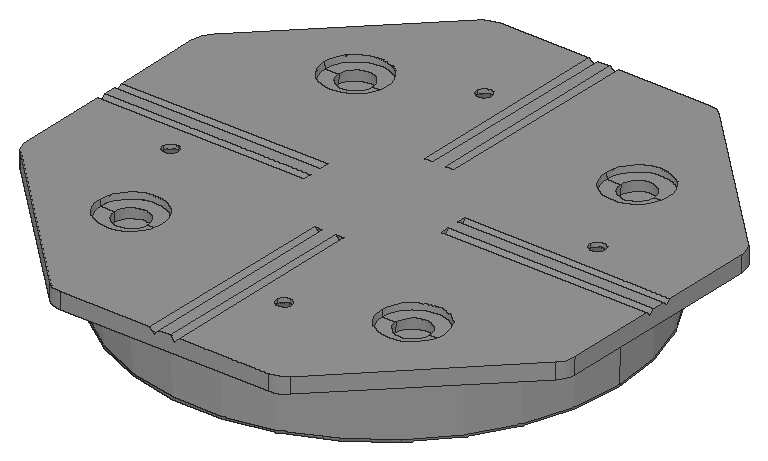
Revit family "DeckWise-Hardwood_Deck_Tile_Fastener", category Generic Models, Revit 2026
Family settings
  Can host rebar = No
  Round Connector Dimension = Use Diameter
  Part Type = Normal
  Work Plane-Based = No
  Always vertical = Yes
  Cut with Voids When Loaded = No
  Maintain Annotation Orientation = No
  Shared = No
  Room Calculation Point = No
Parameters
  URL = ""
  Revision = ""
  OmniClass Title = ""
  OmniClass Number = ""
  MasterFormat04 Keynote = ""
  Manufacturer Information = "https://www.arcat.com/arcatcos/cos49/arc49203.html"
  Manufacturer = "DeckWise"
  Drawn By = ""
  Description = "Deck Tile Fastener"
  Default Elevation = 0.000"
  Copyright = "Arcat 2019"
  Category = ""
Reference planes (in)
  plane 1 "Center (Front/Back)": y = 0
  plane 2: z = 0
  plane 3 "Center (Left/Right)": x = 0
  plane 4: z = 0.75
  plane 5: z = 0.915
  plane 6: x = 0.7375
  plane 7: x = 2.4875
  plane 8: x = -0.7375
  plane 9: x = -2.4875
  plane 10: y = 2.875
  plane 11: x = 2.875
  plane 12: x = -2.875
  plane 13: y = -2.875
Forms (in)
  Extrusion 1, solid, material "Polyethylene, High Density"
    sketch origin (0, 0, 0) x (1, 0, 0) y (0, 1, 0)
      loop
        arc (-1.09118, 2.87649) -> (-1.18402, 2.85804) -> (-1.26274, 2.80547) r 0.24272
        line (-1.26274, 2.80547) -> (-2.79726, 1.27226)
        arc (-2.79726, 1.27226) -> (-2.85638, 1.18383) -> (-2.87714, 1.07951) r 0.27247
        line (-2.87714, 1.07951) -> (-2.87714, -1.08182)
        arc (-2.87714, -1.08182) -> (-2.85682, -1.18398) -> (-2.79893, -1.27059) r 0.2669
        line (-2.79893, -1.27059) -> (-1.26437, -2.80449)
        arc (-1.26437, -2.80449) -> (-1.18387, -2.85826) -> (-1.08893, -2.87714) r 0.24817
        line (-1.08893, -2.87714) -> (1.09107, -2.87714)
        arc (1.09107, -2.87714) -> (1.18349, -2.85876) -> (1.26183, -2.80639) r 0.24144
        line (1.26183, -2.80639) -> (2.80642, -1.26115)
        arc (2.80642, -1.26115) -> (2.85732, -1.18494) -> (2.87519, -1.09507) r 0.23492
        line (2.87519, -1.09507) -> (2.87519, 1.08958)
        arc (2.87519, 1.08958) -> (2.8563, 1.18455) -> (2.8025, 1.26506) r 0.24816
        line (2.8025, 1.26506) -> (1.26235, 2.80521)
        arc (1.26235, 2.80521) -> (1.1834, 2.85797) -> (1.09027, 2.87649) r 0.24335
        line (1.09027, 2.87649) -> (-1.09118, 2.87649)
    from 0.75 to 0.915
  Revolve 2, solid, material "Polyethylene, High Density"
    sketch origin (0, 0, 0) x (1, 0, 0) y (0, 0, 1)
      loop
        line (0.7375, 0.75) -> (0.7375, 0.035)
        arc (0.7375, 0.035) -> (0.74775, 0.01025) -> (0.7725, 0) r 0.035
        line (0.7725, 0) -> (2.43383, 0)
        arc (2.43383, 0) -> (2.458, 0.00982) -> (2.46846, 0.03372) r 0.03464
        line (2.46846, 0.03372) -> (2.4875, 0.75) -> (0.7375, 0.75)
      axis (0, 0.75) -> (0, 0)
    angle from 0 to 360
  Revolve 3, solid
    sketch origin (0, 0, 0) x (1, 0, 0) y (0, 0, 1)
      loop
        line (0.08565, 0.03061) -> (0.09933, 0.75036) -> (0.06741, 0.75036) -> (0.06741, 0.06353) -> (0, 0.06353) -> (0, 0) -> (0.05504, 0)
        arc (0.05504, 0) -> (0.07669, 0.00897) -> (0.08565, 0.03061) r 0.03061
      axis (0, 0.75036) -> (0, 0)
    angle from 0 to 360
  Extrusion 4, void
    sketch origin (0, 0, 0) x (1, 0, 0) y (0, 0, 1)
      loop
        line (-0.15271, 0.915) -> (-0.10943, 0.87172) -> (-0.06615, 0.915) -> (-0.15271, 0.915)
      loop
        line (0.15271, 0.915) -> (0.06615, 0.915) -> (0.10943, 0.87172) -> (0.15271, 0.915)
    from -2.87649 to -0.72135
  Extrusion 5, void
    sketch origin (0, 0, 0) x (0, 1, 0) y (0, 0, 1)
      loop
        line (-0.15271, 0.915) -> (-0.10943, 0.87172) -> (-0.06615, 0.915) -> (-0.15271, 0.915)
      loop
        line (0.15271, 0.915) -> (0.06615, 0.915) -> (0.10943, 0.87172) -> (0.15271, 0.915)
    from -2.87649 to -0.71901
  Extrusion 6, void
    sketch origin (0, 0, 0) x (0, 1, 0) y (0, 0, -1)
      loop
        line (-0.15271, -0.915) -> (-0.06615, -0.915) -> (-0.10943, -0.87172) -> (-0.15271, -0.915)
      loop
        line (0.15271, -0.915) -> (0.10943, -0.87172) -> (0.06615, -0.915) -> (0.15271, -0.915)
    from -2.87649 to -0.71933
  Extrusion 7, void
    sketch origin (0, 0, 0) x (1, 0, 0) y (0, 0, -1)
      loop
        line (-0.15271, -0.915) -> (-0.06615, -0.915) -> (-0.10943, -0.87172) -> (-0.15271, -0.915)
      loop
        line (0.15271, -0.915) -> (0.10943, -0.87172) -> (0.06615, -0.915) -> (0.15271, -0.915)
    from -2.87649 to -0.72135
  Revolve 8, void
    sketch origin (0, 0, 0) x (1, 0, 0) y (0, 0, 1)
      loop
        line (0.7206, 0.91563) -> (0.70613, 0.96014) -> (0.70613, 0.86165) -> (0.7206, 0.91563)
      axis (0, 0.96014) -> (0, 0.86165)
    angle from 0 to 360
  Revolve 9, void
    sketch origin (3.45567, 1.47104, 4.08121) x (1, 0, 0) y (0, 0, 1)
      loop
        line (-1.9788, -3.16621) -> (-1.9788, -3.33121) -> (-1.7913, -3.33121) -> (-1.80234, -3.22621) -> (-1.65533, -3.22621) -> (-1.6478, -3.16621) -> (-1.9788, -3.16621)
      axis (-1.9788, -3.16621) -> (-1.9788, -3.33121)
    angle from 0 to 360
  Revolve 10, void
    sketch origin (3.45567, -1.47104, 4.08121) x (1, 0, 0) y (0, 0, -1)
      loop
        line (-1.9788, 3.16621) -> (-1.6478, 3.16621) -> (-1.65533, 3.22621) -> (-1.80234, 3.22621) -> (-1.7913, 3.33121) -> (-1.9788, 3.33121) -> (-1.9788, 3.16621)
      axis (-1.9788, 3.16621) -> (-1.9788, 3.33121)
    angle from 0 to 360
  Revolve 11, void
    sketch origin (-3.45567, 1.47104, 4.08121) x (-1, 0, 0) y (0, 0, -1)
      loop
        line (-1.9788, 3.16621) -> (-1.6478, 3.16621) -> (-1.65533, 3.22621) -> (-1.80234, 3.22621) -> (-1.7913, 3.33121) -> (-1.9788, 3.33121) -> (-1.9788, 3.16621)
      axis (-1.9788, 3.16621) -> (-1.9788, 3.33121)
    angle from 0 to 360
  Revolve 12, void
    sketch origin (-3.45567, -1.47104, 4.08121) x (-1, 0, 0) y (0, 0, 1)
      loop
        line (-1.9788, -3.16621) -> (-1.9788, -3.33121) -> (-1.7913, -3.33121) -> (-1.80234, -3.22621) -> (-1.65533, -3.22621) -> (-1.6478, -3.16621) -> (-1.9788, -3.16621)
      axis (-1.9788, -3.16621) -> (-1.9788, -3.33121)
    angle from 0 to 360
  Revolve 13, void
    sketch origin (-8.93977, -1.8747, 2.00666) x (1, 0, 0) y (0, 0, 1)
      loop
        line (9.38954, -1.09166) -> (9.30954, -1.09166) -> (9.30954, -1.13343) -> (9.21044, -1.24743) -> (9.38954, -1.24743) -> (9.38954, -1.09166)
      axis (9.38954, -1.09166) -> (9.38954, -1.24743)
    angle from 0 to 360
  Revolve 14, void
    sketch origin (-7.51461, 0.45192, 2.00666) x (1, 0, 0) y (0, 0, 1)
      loop
        line (9.38954, -1.09166) -> (9.30954, -1.09166) -> (9.30954, -1.13343) -> (9.21044, -1.24743) -> (9.38954, -1.24743) -> (9.38954, -1.09166)
      axis (9.38954, -1.09166) -> (9.38954, -1.24743)
    angle from 0 to 360
  Revolve 15, void
    sketch origin (-9.84116, 1.87641, 2.00666) x (1, 0, 0) y (0, 0, 1)
      loop
        line (9.38954, -1.09166) -> (9.30954, -1.09166) -> (9.30954, -1.13343) -> (9.21044, -1.24743) -> (9.38954, -1.24743) -> (9.38954, -1.09166)
      axis (9.38954, -1.09166) -> (9.38954, -1.24743)
    angle from 0 to 360
  Revolve 16, void
    sketch origin (-11.26751, -0.44997, 2.00666) x (1, 0, 0) y (0, 0, 1)
      loop
        line (9.38954, -1.09166) -> (9.30954, -1.09166) -> (9.30954, -1.13343) -> (9.21044, -1.24743) -> (9.38954, -1.24743) -> (9.38954, -1.09166)
      axis (9.38954, -1.09166) -> (9.38954, -1.24743)
    angle from 0 to 360
Cuts and joins
  Extrusion 4, Extrusion 5, Extrusion 6, Extrusion 7, Revolve 9, Revolve 10, Revolve 11, Revolve 12, Revolve 13, Revolve 14, Revolve 15, Revolve 16 cuts Extrusion 1
  Revolve 10, Revolve 11, Revolve 12 cuts Revolve 2
Dimensions and locks (in)
  plane 8 to plane 6 = 1.475"
  plane 7 to plane 6 = 1.750"
  plane 4 to level = 0.750"
  plane 5 to plane 4 = 0.165"
  plane 3 "Center (Left/Right)" to plane 11 = 2.875"
  plane 1 "Center (Front/Back)" to plane 10 = 2.875"
  plane 12 to plane 3 "Center (Left/Right)" = 2.875"
